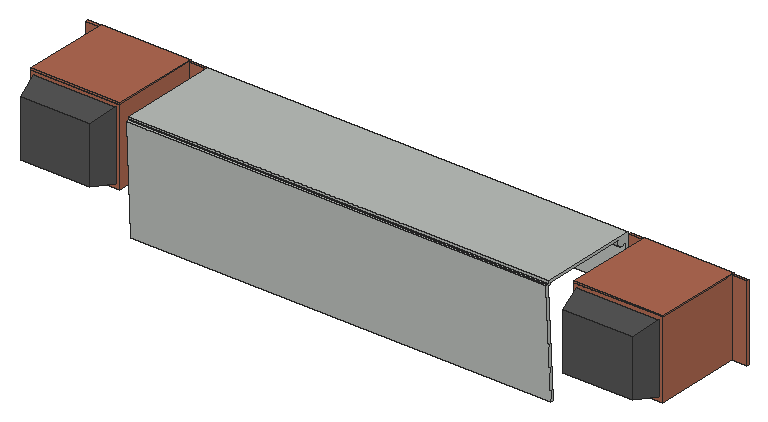
Revit family "Dock_Leveler_Nova-Tech_EOD-Hydraulic", category Generic Models, host Face, Revit 2017
Family settings
  Host = Face
  Can host rebar = No
  Round Connector Dimension = Use Diameter
  Part Type = Normal
  OmniClass Number = 23.50.70.14.11
  OmniClass Title = Powered Dock Levelers
  Cut with Voids When Loaded = No
  Shared = No
  Room Calculation Point = No
Parameters
  Warranty Duration (Years) = 0
  Voltage Range = "as Specified"
  Unit Width = 8' - 8"
  Unit Height = 1' - 7 3/4"
  Unit Depth = 1' - 6"
  URL = "http://www.novalocks.com/"
  Textured Surface [instance] = Metal - NovaTech - Textured Surface
  Test Data = ""
  Specification = "http://arcat.com/arcatcos/cos43/arc43493.html?isac=1&r=2"
  SpecWizard = ""
  Send Message = "http://www.arcat.com/users.pl?action=UserEmail&company=Nova+Technology&coid=43493&rep=132&fax=262-502-1511&mf="
  Sales Information = "http://www.novalocks.com/general-contact-info/"
  Revision = "R1_05_2014"
  Product Properties = ""
  Product Data = "http://arcat.com/arcatcos/cos43/arc43493.html?isac=1&r=2"
  Model = "As Specified"
  Manufacturer Website = "http://www.novalocks.com/"
  Manufacturer Phone - Toll Free = "800-236-7325"
  Manufacturer Phone = "262-502-1591"
  Manufacturer Fax = "262-502-1511"
  Manufacturer Address = "N90 W14507 Commerce Dr. Menomonee Falls, WI 53051"
  Manufacturer = "Nova Technology"
  Maintenance Schedule (Months) = 0
  Keynote = "11160"
  Installation-Fabrication = ""
  Installation Phase = ""
  Green Building-LEED = ""
  Fixture Material = Metal - NovaTech - Finish as Specified
  Expected Lifespan (Years) = 0
  Electrical_Voltage = 0 V
  Electrical_Phase = 0
  Drawn By = "Sumex Design, Inc. / Robert S. Weygant, CSI, CDT, SCIP"
  Description = "Nova Technology Dock Product as Specified"
  Default Elevation = 0' - 0"
  Deck Width = 5' - 6"
  Copyright = "©Arcat Inc."
  Construction Details = ""
  Capacity = ""
  Bumper Housing Finish [instance] = Metal - NovaTech - Dark Orange
  Bumper Finish [instance] = Rubber - NovaTech - Black
  Building Codes = ""
  Assembly Code = "E1030300"
Reference planes (in)
  plane 1 "Center (Front/Back)": y = 13.76898
  plane 2: z = 0
  plane 3 "Center (Left/Right)": x = 0
  plane 4: x = -52
  plane 5: x = 52
  plane 6 "Dock Wall": y = 22.76898
  plane 7: z = -19.75
  plane 8: y = 15.76898
  plane 9: y = 4.76898
  plane 10: x = -33
  plane 11: x = 33
Forms (in)
  Extrusion 1, solid, material "Metal - NovaTech - Dark Orange" <- "Bumper Housing Finish"
    sketch origin (-23.95094, 22.76898, 48) x (-1, 0, 0) y (0, 0, 1)
      loop
        line (25.76781, -48.1875) -> (11.76781, -48.1875) -> (11.76781, -60.1875) -> (25.76781, -60.1875) -> (25.76781, -48.1875)
      loop
        line (-73.66969, -48.1875) -> (-73.66969, -60.1875) -> (-59.66969, -60.1875) -> (-59.66969, -48.1875) -> (-73.66969, -48.1875)
    from 0 to -14
  Extrusion 2, solid, material "Metal - NovaTech - Dark Orange" <- "Bumper Housing Finish"
    sketch origin (0, 0, 0) x (1, 0, 0) y (0, 1, 0)
      loop
        line (-49.71875, 22.76898) -> (-52, 22.76898) -> (-52, 22.39398) -> (-49.71875, 22.39398) -> (-49.71875, 22.76898)
      loop
        line (-35.71875, 22.76898) -> (-35.71875, 22.39398) -> (-33.4375, 22.39398) -> (-33.4375, 22.76898) -> (-35.71875, 22.76898)
      loop
        line (49.71875, 22.76898) -> (49.71875, 22.39398) -> (52, 22.39398) -> (52, 22.76898) -> (49.71875, 22.76898)
      loop
        line (35.71875, 22.76898) -> (33.4375, 22.76898) -> (33.4375, 22.39398) -> (35.71875, 22.39398) -> (35.71875, 22.76898)
    from -0.1875 to -12.1875
  Blend 3, solid, material "Rubber - NovaTech - Black" <- "Bumper Finish"
    base sketch origin (0, 13.76898, 0) x (1, 0, 0) y (0, 0, 1)
      loop
        line (-49.15625, -11.625) -> (-36.28125, -11.625) -> (-36.28125, -0.75) -> (-49.15625, -0.75) -> (-49.15625, -11.625)
    top sketch origin (0, 13.76898, 0) x (1, 0, 0) y (0, 0, 1)
      loop
        line (-48.15625, -10.625) -> (-37.28125, -10.625) -> (-37.28125, -1.75) -> (-48.15625, -1.75) -> (-48.15625, -10.625)
    from 5 to 9
  Blend 4, solid, material "Rubber - NovaTech - Black" <- "Bumper Finish"
    base sketch origin (0, 13.76898, 0) x (-1, 0, 0) y (0, 0, -1)
      loop
        line (-49.15625, 11.625) -> (-49.15625, 0.75) -> (-36.28125, 0.75) -> (-36.28125, 11.625) -> (-49.15625, 11.625)
    top sketch origin (0, 13.76898, 0) x (-1, 0, 0) y (0, 0, -1)
      loop
        line (-48.15625, 10.625) -> (-48.15625, 1.75) -> (-37.28125, 1.75) -> (-37.28125, 10.625) -> (-48.15625, 10.625)
    from 5 to 9
  Extrusion 5, solid, material "Metal - NovaTech - Finish as Specified" <- "Fixture Material"
    sketch origin (0, 0, 0) x (0, 1, 0) y (0, 0, 1)
      loop
        arc (22.76898, -0.1875) -> (14.98835, -0.00008) -> (7.20888, -0.2311) r 144.7609
        line (7.20888, -0.2311) -> (7.22799, -0.60562) -> (7.10415, -0.73985) -> (6.72854, -0.75901)
        arc (6.72854, -0.75901) -> (6.83978, -9.14618) -> (7.59526, -17.5) r 109.06128
        line (7.59526, -17.5) -> (7.9734, -17.5)
        arc (7.9734, -17.5) -> (7.21855, -9.20882) -> (7.10057, -0.88419) r 108.68628
        line (7.10057, -0.88419) -> (7.40272, -0.88419) -> (7.40272, -0.59583)
        arc (7.40272, -0.59583) -> (14.22292, -0.37926) -> (21.04574, -0.48517) r 144.3859
        arc (21.04574, -0.48517) -> (21.40543, -1.64855) -> (22.39398, -0.9375) r 0.75
        line (22.39398, -0.9375) -> (22.39398, -7.9375) -> (22.76898, -7.9375) -> (22.76898, -0.1875)
    from -33 to 33
  Extrusion 6, solid, material "Metal - NovaTech - Finish as Specified" <- "Fixture Material"
    sketch origin (-23.95094, 22.76898, 48) x (-1, 0, 0) y (0, 0, 1)
      loop
        line (-21.45094, -67.75) -> (-21.45094, -63.75) -> (0.04906, -63.75) -> (0.04906, -57.75) -> (-21.45094, -57.75) -> (-21.45094, -51.75) -> (-26.45094, -51.75) -> (-26.45094, -67.75) -> (-21.45094, -67.75)
    from 0 to -6
  Extrusion 7, solid, material "Metal - NovaTech - Finish as Specified" <- "Fixture Material"
    sketch origin (-23.95094, 22.76898, 48) x (-1, 0, 0) y (0, 0, 1)
      loop
        line (8.04906, -58) -> (4.04906, -58) -> (4.04906, -62) -> (8.04906, -62) -> (8.04906, -58)
    from 0 to -2
  Extrusion 8, solid, material "Metal - NovaTech - Dark Orange" <- "Bumper Housing Finish"
    sketch origin (0, 13.76898, 0) x (1, 0, 0) y (0, 0, 1)
      loop
        line (-49.71875, -0.1875) -> (-35.71875, -0.1875) -> (-35.71875, 0) -> (-49.71875, 0) -> (-49.71875, -0.1875)
      loop
        line (49.71875, -0.1875) -> (49.71875, 0) -> (35.71875, 0) -> (35.71875, -0.1875) -> (49.71875, -0.1875)
    from -9 to 5
Cuts and joins
  joined: Extrusion 1, Extrusion 2
Lines and regions (in)
  model lines, style "InvisibleLines"
    curve 1: line (0, 13.76898, 0) -> (0, 13.76898, 6)
Dimensions and locks (in)
  equal spacing: plane 4, plane 3 "Center (Left/Right)", plane 5
  "Unit Width": plane 4 to plane 5
  "Unit Height": level to plane 7
  equal spacing: plane 6 "Dock Wall", plane 1 "Center (Front/Back)", plane 9
  "Unit Depth": plane 6 "Dock Wall" to plane 9
  level to Extrusion 1 sketch curve to Extrusion 1 sketch curve = 0' - 0 3/16" locked, 1' - 0" locked  (x2)
  plane 5 to Extrusion 1 sketch curve to Extrusion 1 sketch curve = 0' - 2 9/32" locked, 1' - 2" locked
  Extrusion 1 sketch curve to Extrusion 1 sketch curve to plane 4 = 1' - 2" locked, 0' - 2 9/32" locked
  plane 4 to Extrusion 2 sketch curve to Extrusion 2 sketch curve to Extrusion 2 sketch curve = 0' - 2 9/32" locked, 1' - 2" locked, 0' - 2 9/32" locked
  locked: plane 6 "Dock Wall" to Extrusion 2 sketch curve at 0.375  (x4)
  Extrusion 2 sketch curve to Extrusion 2 sketch curve to Extrusion 2 sketch curve to plane 5 = 0' - 2 9/32" locked, 1' - 2" locked, 0' - 2 9/32" locked
  plane 5 to Blend 4 sketch curve to Blend 4 sketch curve = 0' - 2 27/32" locked, 1' - 0 7/8" locked
  plane 5 to Blend 4 sketch curve to Blend 4 sketch curve = 0' - 3 27/32" locked, 0' - 10 7/8" locked
  Blend 3 sketch curve to Blend 3 sketch curve to plane 4 = 1' - 0 7/8" locked, 0' - 2 27/32" locked
  Blend 3 sketch curve to Blend 3 sketch curve to plane 4 = 0' - 10 7/8" locked, 0' - 3 27/32" locked
  equal spacing: plane 10, plane 3 "Center (Left/Right)", plane 11
  "Deck Width": plane 10 to plane 11
  level to Extrusion 7 sketch curve to Extrusion 7 sketch curve = 0' - 10" locked, 0' - 4" locked
  plane 3 "Center (Left/Right)" to Extrusion 7 sketch curve to Extrusion 7 sketch curve = 2' - 4" locked, 0' - 4" locked
  locked: plane 3 "Center (Left/Right)" to Extrusion 6 sketch curve at 2.5  (x2)
  locked: Extrusion 6 sketch curve to plane 3 "Center (Left/Right)" at 2.5
  locked: plane 3 "Center (Left/Right)" to Extrusion 6 sketch curve at 24
  Extrusion 8 sketch curve to Extrusion 8 sketch curve to plane 4 = 1' - 2" locked, 0' - 2 9/32" locked
  plane 5 to Extrusion 8 sketch curve to Extrusion 8 sketch curve = 0' - 2 9/32" locked, 1' - 2" locked
  aligned and locked: plane 2 to host face
  aligned and locked: level to host face
  aligned and locked: plane 6 "Dock Wall" to Extrusion 2 sketch curve  (x2)
  aligned and locked: Extrusion 2 sketch curve to plane 6 "Dock Wall"  (x2)
  aligned and locked: Extrusion 2 sketch curve to plane 4
  aligned and locked: Extrusion 2 sketch curve to plane 5
  aligned and locked: plane 11 to Extrusion 5
  aligned and locked: Extrusion 5 to plane 10
Automatic sketch dimensions
  host sketch curve to host sketch curve = 8' - 8"
  host sketch curve to host sketch curve = 2' - 1.23102"
  Blend 3 sketch curve to level = 0' - 0 3/4"
  plane 7 to Blend 3 sketch curve = 0' - 8 1/8"
  Blend 3 sketch curve to level = 0' - 1 3/4"
  Blend 3 sketch curve to Blend 3 sketch curve = 0' - 8 7/8"
  level to Blend 4 sketch curve = 0' - 0 3/4"
  Blend 4 sketch curve to plane 7 = 0' - 8 1/8"
  level to Blend 4 sketch curve = 0' - 1 3/4"
  Blend 4 sketch curve to Blend 4 sketch curve = 0' - 8 7/8"
  Extrusion 5 sketch curve to Extrusion 5 sketch curve = 0' - 0"  (x7)
  Extrusion 5 sketch curve to plane 6 "Dock Wall" = 0' - 0"
  Extrusion 5 sketch curve to level = 0' - 0.75901"
  plane 9 to Extrusion 5 sketch curve = 0' - 1.95956"
  Extrusion 5 sketch curve to Extrusion 5 sketch curve = 0' - 0.37203"
  Extrusion 5 sketch curve to Extrusion 5 sketch curve = 0' - 0.00358"
  Extrusion 5 sketch curve to level = 0' - 0.73985"
  Extrusion 5 sketch curve to level = 0' - 0.2311"
  Extrusion 5 sketch curve to Extrusion 5 sketch curve = 0' - 0.10474"
  Extrusion 5 sketch curve to level = 0' - 0.60562"
  Extrusion 5 sketch curve to Extrusion 5 sketch curve = 0' - 0.12384"
  plane 7 to Extrusion 5 sketch curve = 0' - 2 1/4"
  Extrusion 5 sketch curve to plane 8 = 0' - 0 3/8"
  Extrusion 5 sketch curve to level = 0' - 0.48517"
  Extrusion 5 sketch curve to Extrusion 5 sketch curve = 0' - 1.72325"
  Extrusion 5 sketch curve to Extrusion 5 sketch curve = 0' - 0.59825"
  Extrusion 5 sketch curve to plane 6 "Dock Wall" = 0' - 0 3/8"
  Extrusion 5 sketch curve to Extrusion 5 sketch curve = 0' - 7"
  Extrusion 5 sketch curve to Extrusion 5 sketch curve = 0' - 0.37814"
  Extrusion 5 sketch curve to Extrusion 5 sketch curve = 0' - 0.28837"
  Extrusion 5 sketch curve to Extrusion 5 sketch curve = 0' - 0.30216"
  Extrusion 5 sketch curve to level = 0' - 3.50738"
  plane 1 "Center (Front/Back)" to Extrusion 5 sketch curve = 0' - 6.17372"
  Extrusion 6 sketch curve to plane 7 = 0' - 0"
  Extrusion 6 sketch curve to Extrusion 6 sketch curve = 0' - 4"
  Extrusion 6 sketch curve to Extrusion 6 sketch curve = 0' - 6"
  Extrusion 6 sketch curve to level = 0' - 3 3/4"
  Extrusion 8 sketch curve to level = 0' - 0"  (x2)
  Extrusion 8 sketch curve to level = 0' - 0 3/16"  (x2)
  curve 1 to plane 3 "Center (Left/Right)" = 0' - 0"
  curve 1 to level = 0' - 0"
  curve 1 to curve 1 = 0' - 6"
Connectors (in)
  electrical at (-30, 22.76898, -12), driven by "Electrical_Voltage"
    settings: on Extrusion 7, index 1, voltage 0 V, apparent load 0 VA, apparent load phase1 0 VA, apparent load phase2 0 VA, apparent load phase3 0 VA, power factor 1, load classification "Other", number of poles 1, system type 31, power factor state 1, is connector primary yes, connector utility no, sub classification motor no, connector description ""
